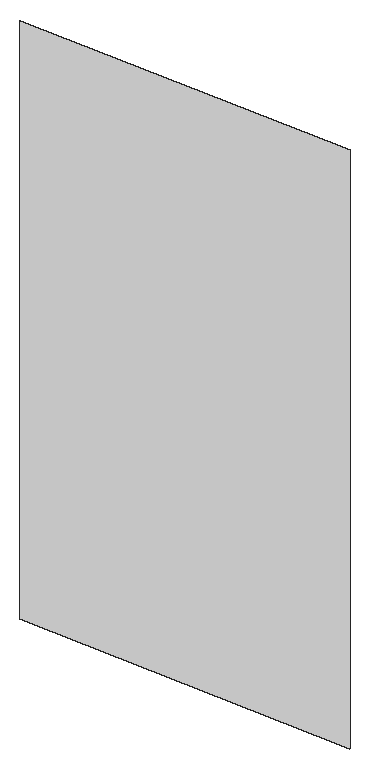
Revit family "PKNail AV Outlet", category Electrical Fixtures, host Wall, Revit 2017
Family settings
  Host = Wall
  Maintain Annotation Orientation = No
  Round Connector Dimension = Use Diameter
  Part Type = Normal
  OmniClass Number = 23.80.50.11.11
  OmniClass Title = Receptacle Terminal Units
  Always vertical = Yes
  Cut with Voids When Loaded = No
  Shared = No
  Room Calculation Point = No
Parameters (values of type "AV Outlet")
  Width = 70.00 mm
  PKNail Family Measure Location Centered = yes
  PKNail Family Instance Elevation [instance] = 250.00 mm
  PKNail Family Fixed Dimensions = "Width:Height"
  Label = "AV"
  Height = 114.00 mm
  Material = Plastic - White
Reference planes
  plane 1: y = 0
  plane 2 "Center (Left/Right)": x = 0
  plane 3 "Back": y = 76.2
  plane 4 "Left": x = -35
  plane 5 "Right": x = 35
  plane 6: z = 247.65
  plane 7: z = 361.65
  plane 8 "Center (Elevation)": z = 304.65
  plane 9: y = 80.962
  plane 10: y = 82.55
  plane 11: z = 54.65
Forms (mm)
  Blend 1, solid, material "Plastic - White" <- "Material"
    base sketch origin (0, 76.2, 0) x (1, 0, 0) y (0, 0, 1)
      loop
        line (35, 361.65) -> (-35, 361.65) -> (-35, 247.65) -> (35, 247.65) -> (35, 361.65)
    top sketch origin (0, 76.2, 0) x (1, 0, 0) y (0, 0, 1)
      loop
        line (30.238, 356.888) -> (-30.237, 356.888) -> (-30.237, 252.413) -> (30.238, 252.413) -> (30.238, 356.888)
    from 0 to -4.762
Lines and regions (mm)
  model lines, style "InvisibleLines"
    curve 1: line (0, 76.2, 247.65) -> (0, 76.2, 54.65)
Text (mm)
  text "Placement Side" at (0, 1019.848, 3124.603), in view "Right"
  text "Placement Side" at (0, 1206.291, 3571.227), in view "Left"
Dimensions and locks
  locked: plane 3 "Back" to host wall
  "Height": plane 6 to plane 7
  "Width": plane 5 "Right" to plane 4 "Left"
  equal spacing: plane 5 "Right", plane 2 "Center (Left/Right)", plane 4 "Left"
  equal spacing: plane 6, plane 8 "Center (Elevation)", plane 7
  locked: plane 3 "Back" to plane 9 at 4.762
  locked: plane 9 to plane 10 at 1.588
  "PKNail Family Instance Elevation": plane 11 to plane 8 "Center (Elevation)"
  aligned and locked: plane 6 to Blend 1 sketch curve
  aligned and locked: plane 5 "Right" to Blend 1 sketch curve
  aligned and locked: Blend 1 sketch curve to plane 7
  aligned and locked: plane 3 "Back" to nested 1
  aligned and locked: Blend 1 to curve 1
  aligned and locked: curve 1 to plane 2 "Center (Left/Right)"
Automatic sketch dimensions
  plane 4 "Left" to Blend 1 sketch curve = 4.762 mm
  Blend 1 sketch curve to plane 5 "Right" = 4.763 mm
  Blend 1 sketch curve to plane 6 = 4.763 mm
  plane 7 to Blend 1 sketch curve = 4.762 mm
  Blend 1 sketch curve to plane 4 "Left" = 0.00 mm
  curve 1 to plane 11 = 0.00 mm
Nested families
  nested 1: "Outlet Annotation2" at (-0.091, 76.2, 0), type "Outlet Annotation2"
Definition of nested family "Outlet Annotation2"
  Parameters
    Label = "TV"
  Reference planes
    plane 1: y = 0
    plane 2: x = 0
  Lines and regions (mm)
    detail lines
      curve 1: line (0, 0.398, 0) -> (0, 2.778, 0)
      curve 2: line (-1.587, 5.953, 0) -> (1.587, 5.953, 0)
      curve 3: line (-1.587, 2.778, 0) -> (-1.587, 5.953, 0)
      curve 4: line (1.587, 2.778, 0) -> (-1.587, 2.778, 0)
      curve 5: line (1.587, 5.953, 0) -> (1.587, 2.778, 0)
  Text (mm)
    label "Label" at (-0.001, 4.356, 0), shows "Label"
